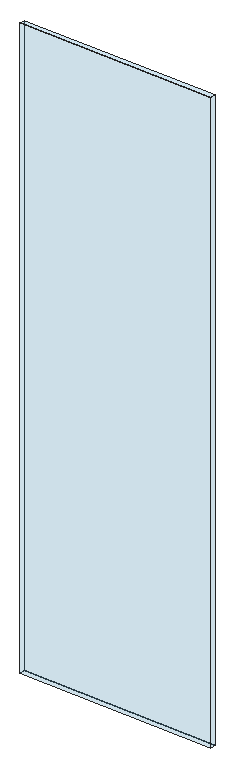
Revit family "TP Acoustic Glass Panel", category Curtain Panels, Revit 2014
Parameters (values of type "TP Acoustic 43 mm (sprosse) 2")
  URL = "http://www.triplan.dk"
  Thickness = 43.000 mm
  SoundReduction = "50 RW db"
  Panel Side offset right [instance] = 0.000 mm
  Panel Side offset left [instance] = 0.000 mm
  Offset = 0.000 mm
  Manufacturer = "Triplan International A/S"
  Glass = Triplan Glass
  FireRating = ""
  Description = "TP Acoustic"
  Construction Type = ""
Types (4, lengths in mm): name | SoundReduction
  TP Acoustic 43 mm (Lite) 1 | "47 RW db"
  TP Acoustic 43 mm (Lite) 2 | "50 RW db"
  TP Acoustic 43 mm (sprosse) 1 | "47 RW db"
  TP Acoustic 43 mm (sprosse) 2 | "50 RW db"
Reference planes
  plane 1 "Center (Front/Back)": y = 0
  plane 2: z = 0
  plane 3 "Center (Left/Right)": x = 0
  plane 4 "Right": x = -743.004
  plane 5 "Left": x = 695.496
  plane 6 "Top": z = 4400
  plane 7: y = -21.5
  plane 8: y = 0
  plane 9: y = 21.5
  plane 10: z = 2200
  plane 11: x = 1.5
  plane 12: x = -1.5
  plane 13: x = -743.004
  plane 14: x = 695.496
  plane 15: x = -743.004
  plane 16: x = 695.496
Forms (mm)
  Extrusion 1, solid, material "Triplan Glass" <- "Glass"
    sketch origin (0, 0, 0) x (1, 0, 0) y (0, 1, 0)
      loop
        line (-743.004, 21.5) -> (-743.004, -21.5) -> (695.496, -21.5) -> (695.496, 21.5) -> (-743.004, 21.5)
    from 0 to 4400
Text (mm)
  text "Exterior" at (-3359.023, 3037.285, 0), in view "Ref. Level"
  text "Exterior" at (0, 2290.741, 4406.713), in view "Left"
  text "Exterior" at (0, 1328.187, 4120.349), in view "Right"
Dimensions and locks
  plane 4 "Right" to plane 3 "Center (Left/Right)" to plane 5 "Left" = 743.004 mm, 695.496 mm  (x2)
  equal spacing: plane 9, plane 8, plane 7
  "Thickness": plane 9 to plane 7
  "Offset": plane 1 "Center (Front/Back)" to plane 8
  plane 6 "Top" to level = 4400.000 mm  (x2)
  plane 4 "Right" to plane 5 "Left" = 1438.500 mm
  equal spacing: plane 6 "Top", plane 10, level
  equal spacing: plane 12, plane 3 "Center (Left/Right)", plane 11
  "Panel Side offset right": plane 13 to plane 15
  "Panel Side offset left": plane 16 to plane 14
  equal spacing: plane 13, plane 4 "Right", plane 15
  equal spacing: plane 16, plane 5 "Left", plane 14
  aligned and locked: level to plane 2
  aligned and locked: Extrusion 1 to plane 9
  aligned and locked: Extrusion 1 to plane 6 "Top"
  aligned and locked: plane 9 to Extrusion 1 sketch curve
Automatic sketch dimensions
  Extrusion 1 sketch curve to plane 13 = 0.000 mm
  Extrusion 1 sketch curve to plane 7 = 0.000 mm
  Extrusion 1 sketch curve to plane 15 = 0.000 mm
  Extrusion 1 sketch curve to plane 16 = 0.000 mm
  Extrusion 1 sketch curve to plane 14 = 0.000 mm
